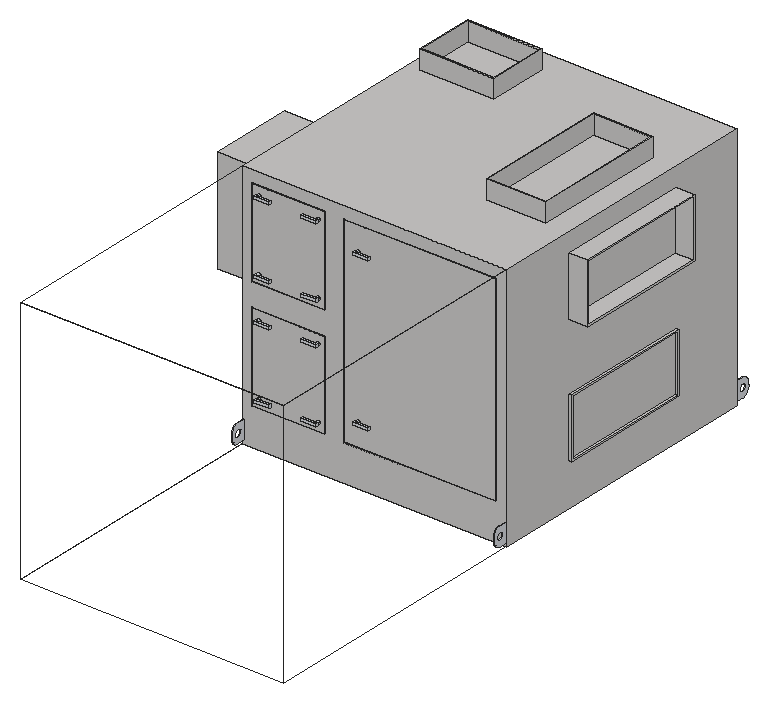
Revit family "DN-3IN-ERV-1FP", category Mechanical Equipment, Revit 2019
Family settings
  Round Connector Dimension = Use Diameter
  Part Type = Normal
  OmniClass Number = 23.75.00.00
  OmniClass Title = Climate Control (HVAC)
  Work Plane-Based = No
  Always vertical = Yes
  Cut with Voids When Loaded = No
  Shared = No
  Room Calculation Point = No
Parameters (values of type "2 @ 5HP ea. 575V")
  Voltage [instance] = "575V"
  Unit Weight Range (lbs) [instance] = "1600-1800 lbs."
  Max. Shipping Weight (lbs) [instance] = "1825-2025 lbs."
  Unit Dimensions (L x W x H) [instance] = "86-1/2\" x 86-5/8\" x 71-7/8\""
  Shipping Dimensions (L x W x H) [instance] = "100\" x 90\" x 77\""
  Unit [instance] = Renewaire - Galvanized Steel
  URL = "www.renewaire.com"
  Typical Airflow Range = "750-3,300 CFM"
  Standard Features [instance] = "EC Motors for both airstreams, Direct drive backward inclined plenum, Higher ESP of up to 2.5\" w.g. at 3,000 CFM, Integrated programmable controls, True 100% face and bypass enthalpy based modulating economizer, Class 1 low leakage motorized isolation dampers, 1\" Double wall foam injected 20 gauge galvanized panel construction with R6.5 insulation"
  Service Area Visibility [instance] = yes
  Service Area Box [instance] = Renewaire - Interference
  Revit Object Download Link [instance] = ""
  Phase [instance] = "Three"
  Options [instance] = "Onboard variable frequency drives (VFDs) - both airstreams, Fused disconnect, Spring isolators (VFDs only), 2\" Double wall foam injected 20 gauge galvanized panel construction with R13 insulation, Exterior paint - grey, white, custom color, BACNET factory activation, GFCI convenience outlet, Recirculation damper"
  Number Motors [instance] = "Qty. 2, Direct drive motorized impeller packages"
  Model = "DN-3IN-1FP-ERV"
  Minimum Circuit Amps [instance] = "11.9 A"
  Maximum Overcurrent Protection [instance] = "15 A"
  Manufacturer = "Renewaire LLC"
  Inlets/Outlets [instance] = "OA & RA Inlets: 36\" x 16\", SA Outlet: 24\" x 16\", EA Outlet: 20\" x 16\""
  Frequency [instance] = "50/60 Hz"
  Filters [instance] = "Total qty. 6, MERV 8: 20\" x 20\" x 2\""
  FLA per Motor [instance] = "5.3"
  Energy Recovery Type [instance] = "Static plate total energy transfer"
  Description = "Energy Recovery Ventilator"
  Accessories [instance] = "Filters - MERV 13, 2\"  and 4\" (shipped loose), MERV 14, 2\" and 4\" (shipped loose), Additional filters available upon request, Duct mounted electric pre-heater (separately powered), Carbon dioxide sensor/control - wall mount (CO2-W), duct mount (CO2-D), IAQ sensor - wall mount (IAQ-W), duct mount (IAQ-D), Motion occupancy sensor/control - ceiling mount (MC-C), wall mount (MC-W), Smoke detector, Room temperature and humidity sensor, Duct static pressure sensor with display to 10\", without display 0-2\", Room pressure sensor with display to 1\", without display 0-1\", Remote display"
  AHRI 1060 Certified Core [instance] = "Three L-125-G5"
Types (6): name | Voltage | Minimum Circuit Amps | Maximum Overcurrent Protection | FLA per Motor
  (no name) | "575V" | "11.9 A" | "15 A" | "5.3"
  2 @ 2.70 kW ea. | "200-240 V" | "19.4 A" | "25 A" | "8.6-7.2"
  2 @ 3.70 kW ea. | "380-480 V" | "13.5 A" | "15 A" | "6.0-4.6"
  2 @ 5HP ea. 208-230V | "208-230 V" | "31.3 A" | "45 A" | "13.9-13.4/6.7"
  2 @ 5HP ea. 460V | "460V" | "15.1 A" | "20 A" | "6.7"
  2 @ 5HP ea. 575V | "575V" | "11.9 A" | "15 A" | "5.3"
Reference planes (in)
  plane 1 "Center (Front/Back)": y = 0
  plane 2: z = 0
  plane 3 "Center (Left/Right)": x = 0
  plane 4: y = -38.6875
  plane 5: x = 0
Forms (in)
  Extrusion 1, solid, material "Renewaire - Galvanized Steel" <- "Unit"
    sketch origin (0, 0, 0) x (0, 1, 0) y (0, 0, 1)
      loop
        line (38.6875, 66.875) -> (-38.6875, 66.875) -> (-38.6875, 0) -> (38.6875, 0) -> (38.6875, 66.875)
    from 70.875 to 0
  Extrusion 2, void
    sketch origin (0, 0, 0) x (1, 0, 0) y (0, 0, 1)
      loop
        line (22.23876, 63.82394) -> (2.23876, 63.82394) -> (2.23876, 39.82168) -> (22.23876, 39.82168) -> (22.23876, 63.82394)
      loop
        line (68.1547, 63.82394) -> (27.15471, 63.82394) -> (27.15471, 9.82169) -> (68.1547, 9.82169) -> (68.1547, 63.82394)
      loop
        line (22.23876, 33.82282) -> (2.23876, 33.82282) -> (2.23876, 9.82055) -> (22.23876, 9.82055) -> (22.23876, 33.82282)
    from 39.6875 to 37.6875
  Extrusion 3, solid, material "Renewaire - Galvanized Steel" <- "Unit"
    sketch origin (0, 0, 0) x (0, 1, 0) y (0, 0, 1)
      loop
        line (12.02253, 30.88417) -> (-11.97747, 30.88417) -> (-11.97747, 14.88417) -> (12.02253, 14.88417) -> (12.02253, 30.88417)
      loop
        line (11.77253, 30.63417) -> (-11.72747, 30.63417) -> (-11.72747, 15.13417) -> (11.77253, 15.13417) -> (11.77253, 30.63417)
    from 0 to -1
  Extrusion 4, solid, material "Renewaire - Galvanized Steel" <- "Unit"
    sketch origin (0, 0, 0) x (1, 0, 0) y (0, 0, 1)
      loop
        line (27.40471, 63.57394) -> (27.40471, 10.07169) -> (67.9047, 10.07169) -> (67.9047, 63.57394) -> (27.40471, 63.57394)
      loop
        line (2.48876, 63.57394) -> (2.48876, 40.07168) -> (21.98876, 40.07168) -> (21.98876, 63.57394) -> (2.48876, 63.57394)
      loop
        line (2.48876, 33.57282) -> (2.48876, 10.07055) -> (21.98876, 10.07055) -> (21.98876, 33.57282) -> (2.48876, 33.57282)
    from 38.6875 to 37.6875
  Extrusion 5, solid, material "Renewaire - Galvanized Steel" <- "Unit"
    sketch origin (0, 0, 0) x (0, 1, 0) y (0, 0, 1)
      loop
        line (-17.97746, 27.82167) -> (-17.97746, 11.82167) -> (18.02254, 11.82167) -> (18.02254, 27.82167) -> (-17.97746, 27.82167)
      loop
        line (-17.72746, 27.57167) -> (-17.72746, 12.07167) -> (17.77254, 12.07167) -> (17.77254, 27.57167) -> (-17.72746, 27.57167)
    from 71.875 to 70.875
  Extrusion 6, solid, material "Renewaire - Galvanized Steel" <- "Unit"
    sketch origin (0, 0, 0) x (0, 1, 0) y (0, 0, 1)
      loop
        line (-17.97746, 61.86166) -> (-17.97746, 45.86166) -> (18.02254, 45.86166) -> (18.02254, 61.86166) -> (-17.97746, 61.86166)
      loop
        line (-17.72746, 61.61166) -> (-17.72746, 46.11166) -> (17.77254, 46.11166) -> (17.77254, 61.61166) -> (-17.72746, 61.61166)
    from 76 to 70.875
  Extrusion 7, solid, material "Renewaire - Galvanized Steel" <- "Unit"
    sketch origin (0, 0, 0) x (1, 0, 0) y (0, 0, 1)
      loop
        line (22.23876, 61.82394) -> (2.23875, 61.82394) -> (2.23875, 45.82395) -> (22.23876, 45.82395) -> (22.23876, 61.82394)
      loop
        line (21.98876, 61.57394) -> (2.48875, 61.57394) -> (2.48875, 46.07395) -> (21.98876, 46.07395) -> (21.98876, 61.57394)
    from -38.6875 to -43.6875
  Extrusion 8, void
    sketch origin (0, 0, 0) x (1, 0, 0) y (0, 1, 0)
      loop
        line (2, 36.6875) -> (2, -36.6875) -> (68.875, -36.6875) -> (68.875, 36.6875) -> (2, 36.6875)
    from -1 to 6
  Extrusion 9, void
    sketch origin (0, 0, 0) x (1, 0, 0) y (0, 1, 0)
      loop
        line (63.82319, 18.02251) -> (47.8232, 18.02251) -> (47.8232, -17.97749) -> (63.82319, -17.97749) -> (63.82319, 18.02251)
      loop
        line (23.65771, 11.9775) -> (7.65771, 11.9775) -> (7.65771, -12.0225) -> (23.65771, -12.0225) -> (23.65771, 11.9775)
    from 4 to 6.125
  Extrusion 10, solid, material "Renewaire - Interference" <- "Service Area Box"
    sketch origin (0, 0, 0) x (1, 0, 0) y (0, 1, 0)
      loop
        line (0, -38.6875) -> (0, -113.6875) -> (70.875, -113.6875) -> (70.875, -38.6875) -> (0, -38.6875)
    from 0 to 66.875
  Extrusion 11, solid, material "Renewaire - Galvanized Steel" <- "Unit"
    sketch origin (10.875, -14.6875, 0) x (0, 1, 0) y (0, 0, 1)
      loop
        line (3.25, 64.375) -> (-19, 64.375) -> (-19, 36.25) -> (3.25, 36.25) -> (3.25, 64.375)
    from -10.875 to -21.625
  Extrusion 12, solid, material "Renewaire - Galvanized Steel" <- "Unit"
    sketch origin (0, 0, 0) x (1, 0, 0) y (0, 1, 0)
      loop
        line (3.22342, 32.67251) -> (3.22342, 16.67251) -> (23.22341, 16.67251) -> (23.22341, 32.67251) -> (3.22342, 32.67251)
      loop
        line (3.47342, 32.42251) -> (3.47342, 16.92251) -> (22.97341, 16.92251) -> (22.97341, 32.42251) -> (3.47342, 32.42251)
      loop
        line (48.8232, 18.02251) -> (48.8232, -17.97749) -> (64.82319, -17.97749) -> (64.82319, 18.02251) -> (48.8232, 18.02251)
      loop
        line (49.0732, 17.77251) -> (49.0732, -17.72749) -> (64.57319, -17.72749) -> (64.57319, 17.77251) -> (49.0732, 17.77251)
    from 66.875 to 71.875
Cuts and joins
  Extrusion 2, Extrusion 8, Extrusion 9 cuts Extrusion 1
Dimensions and locks (in)
  aligned and locked: level to plane 2
  aligned and locked: cut or joined group of Extrusion 1, Extrusion 2, Extrusion 8, Extrusion 9 to Extrusion 4
  aligned and locked: Extrusion 4 to plane 4
  aligned and locked: Extrusion 6 to cut or joined group of Extrusion 1, Extrusion 2, Extrusion 8, Extrusion 9
  aligned and locked: Extrusion 7 to cut or joined group of Extrusion 1, Extrusion 2, Extrusion 8, Extrusion 9
  aligned and locked: nested 1 to cut or joined group of Extrusion 1, Extrusion 2, Extrusion 8, Extrusion 9
  aligned and locked: Extrusion 10 sketch curve to cut or joined group of Extrusion 1, Extrusion 2, Extrusion 8, Extrusion 9  (x2)
  aligned and locked: Extrusion 10 to level
Nested families (in)
  nested 1: "Lifting Lug" at (0.25, -38.6875, 0.74993) x (0, -1, 0) z (0, 0, 1), Material <- "Unit", type "Lifting Lug"
    with Material Renewaire - Galvanized Steel
  nested 2: "Lifting Lug" at (70.7892, -38.6875, 0.74993) x (0, -1, 0) z (0, 0, 1), Material <- "Unit", type "Lifting Lug"
    with Material Renewaire - Galvanized Steel
  nested 3: "Handle" at (20.19534, -38.6875, 61.21643), type "Handle"
    with Right Handle no, Left Handle yes, Flip yes
  nested 4: "Handle" at (20.19534, -38.6875, 42.21643), type "Handle"
    with Right Handle no, Left Handle yes, Flip yes
  nested 5: "Handle" at (4.28217, -38.6875, 61.21643) x (-1, 0, 0) z (0, 0, 1), type "Handle"
    with Right Handle no, Left Handle yes, Flip yes
  nested 6: "Handle" at (4.28217, -38.6875, 42.21643) x (-1, 0, 0) z (0, 0, 1), type "Handle"
    with Right Handle no, Left Handle yes, Flip yes
  nested 7: "Handle" at (20.19534, -38.6875, 31.2153), type "Handle"
    with Right Handle no, Left Handle yes, Flip yes
  nested 8: "Handle" at (20.19534, -38.6875, 12.2153), type "Handle"
    with Right Handle no, Left Handle yes, Flip yes
  nested 9: "Handle" at (4.28217, -38.6875, 31.2153) x (-1, 0, 0) z (0, 0, 1), type "Handle"
    with Right Handle no, Left Handle yes, Flip yes
  nested 10: "Handle" at (4.28217, -38.6875, 12.2153) x (-1, 0, 0) z (0, 0, 1), type "Handle"
    with Right Handle no, Left Handle yes, Flip yes
  nested 11: "Lifting Lug" at (70.7892, 38.6875, 0.74993) x (0, 1, 0) z (0, 0, 1), Material <- "Unit", type "Lifting Lug"
    with Material Renewaire - Galvanized Steel
  nested 12: "Lifting Lug" at (0.25, 38.6875, 0.74993) x (0, 1, 0) z (0, 0, 1), Material <- "Unit", type "Lifting Lug"
    with Material Renewaire - Galvanized Steel
  nested 13: "Handle" at (30.90471, -38.6875, 57.07394) x (-1, 0, 0) z (0, 0, 1), type "Handle"
    with Right Handle no, Left Handle yes, Flip yes
  nested 14: "Handle" at (30.90471, -38.6875, 16.09892) x (-1, 0, 0) z (0, 0, 1), type "Handle"
    with Right Handle no, Left Handle yes, Flip yes
Connectors (in)
  hvac at (-1, 0.02253, 22.88417)
    settings: on Extrusion 3, index 1, duct flow 0 CFM, flow factor 0, pres drop 0.00 in-wg, loss coef 0, conn angle 0.00°, conn width 24", conn height 16", conn diameter 24", duct sys type 1, conn prof type 1, flow config 0, flow direction 2, loss method 0, conn ref index -1, conn util no, is conn primary yes, conn desc "Supply Air (SA)"
  hvac at (71.875, 0.02254, 19.82167)
    settings: on Extrusion 5, index 4, duct flow 0 CFM, flow factor 0, pres drop 0.00 in-wg, loss coef 0, conn angle 0.00°, conn width 36", conn height 16", conn diameter 24", duct sys type 2, conn prof type 1, flow config 0, flow direction 1, loss method 0, conn ref index -1, conn util no, is conn primary no, conn desc "Return Air (RA)"
  hvac at (76, 0.02254, 53.86166)
    settings: on Extrusion 6, index 5, duct flow 0 CFM, flow factor 0, pres drop 0.00 in-wg, loss coef 0, conn angle 0.00°, conn width 36", conn height 16", conn diameter 24", duct sys type 4, conn prof type 1, flow config 0, flow direction 1, loss method 0, conn ref index -1, conn util no, is conn primary no, conn desc "Outside Air (AO)"
  hvac at (12.23876, 43.6875, 53.82395)
    settings: on Extrusion 7, index 8, duct flow 0 CFM, flow factor 0, pres drop 0.00 in-wg, loss coef 0, conn angle 0.00°, conn width 20", conn height 16", conn diameter 24", duct sys type 3, conn prof type 1, flow config 0, flow direction 2, loss method 0, conn ref index -1, conn util no, is conn primary no, conn desc "Exhaust Air (EA)"
  hvac at (13.22341, 24.67251, 71.875)
    settings: on Extrusion 12, index 10, duct flow 0 CFM, flow factor 0, pres drop 0.00 in-wg, loss coef 0, conn angle 0.00°, conn width 20", conn height 16", conn diameter 24", duct sys type 3, conn prof type 1, flow config 0, flow direction 2, loss method 0, conn ref index -1, conn util no, is conn primary no, conn desc "Exhaust Air (EA)"
  hvac at (56.8232, 0.02251, 71.875)
    settings: on Extrusion 12, index 11, duct flow 0 CFM, flow factor 0, pres drop 0.00 in-wg, loss coef 0, conn angle 0.00°, conn width 16", conn height 36", conn diameter 24", duct sys type 4, conn prof type 1, flow config 0, flow direction 1, loss method 0, conn ref index -1, conn util no, is conn primary no, conn desc "Outside Air (AO)"
  hvac at (55.8232, 0.02251, 6)
    settings: on cut or joined group of Extrusion 1, Extrusion 2, Extrusion 8, Extrusion 9, index 13, duct flow 0 CFM, flow factor 0, pres drop 0.00 in-wg, loss coef 0, conn angle 0.00°, conn width 36", conn height 16", conn diameter 24", duct sys type 2, conn prof type 1, flow config 0, flow direction 1, loss method 0, conn ref index -1, conn util no, is conn primary no, conn desc "Return Air (RA)"
  hvac at (15.65771, -0.0225, 6.125)
    settings: on cut or joined group of Extrusion 1, Extrusion 2, Extrusion 8, Extrusion 9, index 14, duct flow 0 CFM, flow factor 0, pres drop 0.00 in-wg, loss coef 0, conn angle 0.00°, conn width 16", conn height 24", conn diameter 24", duct sys type 1, conn prof type 1, flow config 0, flow direction 2, loss method 0, conn ref index -1, conn util no, is conn primary no, conn desc "Supply Air (SA)"
Definition of nested family "Lifting Lug"
  Parameters (values of type "Lifting Lug")
    Material [instance] = none
  Reference planes (in)
    plane 1 "Center (Front/Back)": y = 0
    plane 2: z = 0
    plane 3 "Center (Left/Right)": x = 0
  Forms (in)
    Extrusion 1, solid
      sketch origin (0, 0, 0) x (1, 0, 0) y (0, 0, 1)
        loop
          line (0, 0.1875) -> (2, 0.1875)
          arc (2, 0.1875) -> (3.41421, 0.77329) -> (4, 2.1875) r 2
          line (4, 2.1875) -> (4, 3.1875)
          arc (4, 3.1875) -> (3.41421, 4.60171) -> (2, 5.1875) r 2
          line (2, 5.1875) -> (0, 5.1875) -> (0, 0.1875)
        loop
          circle (2.125, 2.6875) r 1
      from 0 to 0.25
  Dimensions and locks (in)
    aligned and locked: plane 2 to level
Definition of nested family "Handle"
  Parameters (values of type "Handle")
    Right Handle [instance] = not(Flip)  # no
    Material = none
    Left Handle [instance] = Flip  # yes
    Flip [instance] = yes
  Reference planes (in)
    plane 1 "Center (Front/Back)": y = 0
    plane 2: z = 0
    plane 3 "Center (Left/Right)": x = 0
  Forms (in)
    Extrusion 1, solid, material <- "Material"
      sketch origin (0, 0, 0) x (1, 0, 0) y (0, 0, 1)
        loop
          circle (0, 0) r 0.375
      from 0 to 0.75
    Extrusion 2, solid, material <- "Material", visible <- "Right Handle"
      sketch origin (0, 0, 0) x (1, 0, 0) y (0, 1, 0)
        loop
          line (-0.375, -0.75) -> (-0.375, -1.25) -> (3.625, -1.25) -> (3.625, -0.75) -> (-0.375, -0.75)
      from -0.375 to 0.375
    Extrusion 3, solid, material <- "Material", visible <- "Left Handle"
      sketch origin (-3.25, 0, 0) x (1, 0, 0) y (0, 1, 0)
        loop
          line (-0.375, -0.75) -> (-0.375, -1.25) -> (3.625, -1.25) -> (3.625, -0.75) -> (-0.375, -0.75)
      from -0.375 to 0.375
  Dimensions and locks (in)
    aligned and locked: plane 2 to level
